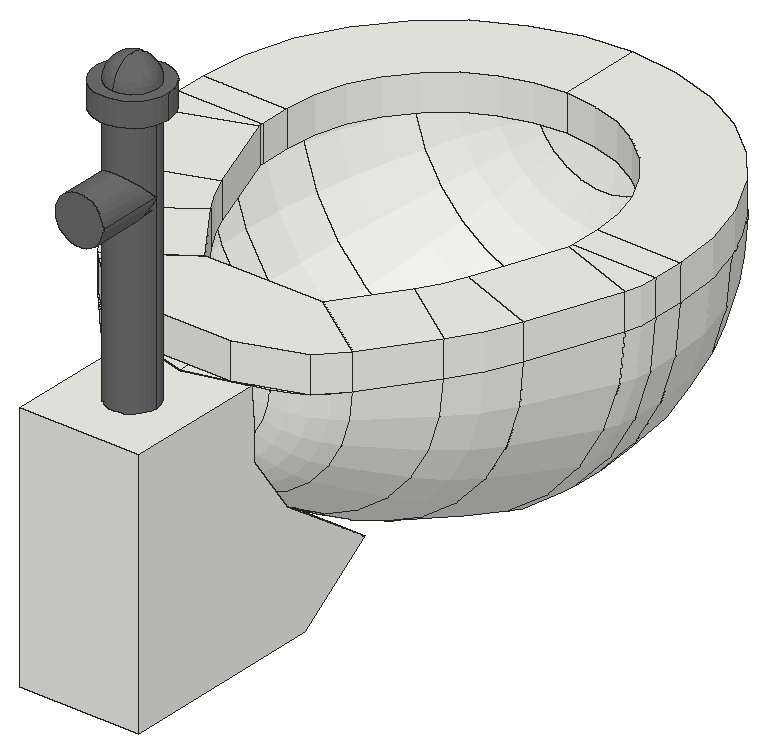
Revit family "M_Toilet-Comercial-Parede-3D", category Peças hidrossanitárias, Revit 2019
Family settings
  Hospedeiro = Parede
  Cota do conector redondo = Utilizar diâmetro
  Tipo de parte = Normal
  Número OmniClass = 23.45.05.21.11
  Título OmniClass = Water Closets
  ID de item do Seek = Toilet-Commercial-Wall-3D-0000-CAN-ENU
  Sempre na vertical = Sim
  Corte com vazios quando carregada = Não
  Compartilhado = Sim
  Ponto de cálculo do ambiente = Não
Parameters (values of type "380 mm Altura do assento")
  Altura de montagem = 380.00 mm
  Material da tubulação = Aço, Polido
  Material da cuba = Porcelana, Marfim
  Material do assento = Laminado - Marfim, Fosco
Types (2, lengths in mm): name | Altura de montagem
  380 mm Altura do assento | 380.00
  480 mm Altura do assento | 480.00
Reference planes
  plane 1: y = 0
  plane 2: x = 404.903
  plane 3: y = 75
  plane 4: y = 812.8
  plane 5: z = 341.9
  plane 6: y = 557.6
  plane 7: y = 303.6
  plane 8: z = 380
  plane 9: z = 646.7
  plane 10: y = 145.535
  plane 11: z = 76.2
Forms (mm)
  Extrusion 1, solid, material "Porcelana, Marfim" <- "Material da cuba"
    sketch origin (404.903, 0, 0) x (0, -1, 0) y (0, 0, 1)
      loop
        line (-75, 341.9) -> (-227.804, 341.9) -> (-227.804, 268.296) -> (-271.51, 205.877) -> (-375.543, 133.033) -> (-295.045, 76.2) -> (-75, 76.2) -> (-75, 341.9)
    from -63.5 to 63.5
  Extrusion 2, solid, material "Aço, Polido" <- "Material da tubulação"
    sketch origin (341.403, 75, 341.9) x (1, 0, 0) y (0, 1, 0)
      loop
        circle (63.5, 70.535) r 25.4
    from 0 to 279.4
  Extrusion 3, solid, material "Aço, Polido" <- "Material da tubulação"
    sketch origin (0, 75, 0) x (1, 0, 0) y (0, 0, 1)
      loop
        circle (404.903, 543.211) r 25.4
    from 0 to -70.644
  Extrusion 4, solid, material "Aço, Polido" <- "Material da tubulação"
    sketch origin (341.403, 75, 621.3) x (1, 0, 0) y (0, 1, 0)
      loop
        circle (63.5, 70.535) r 38.1
    from 0 to 25.4
  Revolve 5, solid, material "Aço, Polido" <- "Material da tubulação"
    sketch origin (404.903, 0, 0) x (0, -1, 0) y (0, 0, 1)
      loop
        line (-171.153, 646.7) -> (-145.535, 646.7) -> (-145.535, 672.318)
        arc (-145.535, 672.318) -> (-163.65, 664.814) -> (-171.153, 646.7) r 25.618
      axis (-145.535, 646.7) -> (-145.535, 672.318)
    angle from 0 to 360
  Revolve 6, solid, material "Porcelana, Marfim" <- "Material da cuba"
    sketch origin (0, 0, 341.9) x (1, 0, 0) y (0, 1, 0)
      loop
        line (404.903, 811.6) -> (404.903, 786.2)
        arc (404.903, 786.2) -> (444.599, 782.727) -> (483.089, 772.414) r 228.6
        arc (483.089, 772.414) -> (527.73, 750.399) -> (566.548, 719.245) r 228.6
        arc (566.548, 719.245) -> (597.702, 680.427) -> (619.717, 635.786) r 228.6
        arc (619.717, 635.786) -> (630.03, 597.296) -> (633.503, 557.6) r 228.6
        line (633.503, 557.6) -> (633.503, 524.715)
        arc (633.503, 524.715) -> (632.346, 511.483) -> (628.908, 498.653) r 76.2
        line (628.908, 498.653) -> (596.636, 409.986)
        arc (596.636, 409.986) -> (581.916, 376.534) -> (562.957, 345.289) r 279.4
        line (562.957, 345.289) -> (525.073, 291.186)
        arc (525.073, 291.186) -> (500.122, 266.235) -> (468.143, 251.323) r 101.6
        line (468.143, 251.323) -> (404.903, 234.378) -> (404.903, 208.082) -> (483.647, 229.181)
        arc (483.647, 229.181) -> (515.626, 244.093) -> (540.577, 269.044) r 101.6
        line (540.577, 269.044) -> (585.681, 333.459)
        arc (585.681, 333.459) -> (604.641, 364.704) -> (619.36, 398.156) r 279.4
        line (619.36, 398.156) -> (652.776, 489.966)
        arc (652.776, 489.966) -> (657.36, 507.072) -> (658.903, 524.715) r 101.6
        line (658.903, 524.715) -> (658.903, 557.6)
        arc (658.903, 557.6) -> (655.044, 601.707) -> (643.585, 644.473) r 254
        arc (643.585, 644.473) -> (619.125, 694.074) -> (584.508, 737.205) r 254
        arc (584.508, 737.205) -> (541.377, 771.821) -> (491.776, 796.282) r 254
        arc (491.776, 796.282) -> (449.01, 807.741) -> (404.903, 811.6) r 254
      axis (404.903, 208.082) -> (404.903, 811.6)
    angle from 0 to 180
  Sweep 7, solid, material "Laminado - Marfim, Fosco" <- "Material do assento"
    path origin (0, 0, 341.9) x (1, 0, 0) y (0, 1, 0)
      loop
        line (540.577, 269.044) -> (585.681, 333.459)
        arc (585.681, 333.459) -> (604.641, 364.704) -> (619.36, 398.156) r 279.4
        line (619.36, 398.156) -> (652.776, 489.966)
        arc (652.776, 489.966) -> (657.36, 507.072) -> (658.903, 524.715) r 101.6
        line (658.903, 524.715) -> (658.903, 557.6)
        arc (658.903, 557.6) -> (584.508, 737.205) -> (404.903, 811.6) r 254
        arc (404.903, 811.6) -> (225.298, 737.205) -> (150.903, 557.6) r 254
        line (150.903, 557.6) -> (150.903, 524.715)
        arc (150.903, 524.715) -> (152.447, 507.072) -> (157.03, 489.966) r 101.6
        line (157.03, 489.966) -> (190.446, 398.156)
        arc (190.446, 398.156) -> (205.166, 364.704) -> (224.125, 333.459) r 279.4
        line (224.125, 333.459) -> (269.23, 269.044)
    profile origin (0, 541.157, 441.9) x (-1, 0, 0) y (0, 0, 1)
      loop
        line (-658.903, -100) -> (-570.003, -100) -> (-570.003, -61.9) -> (-658.903, -61.9) -> (-658.903, -100)
  Extrusion 8, solid, material "Laminado - Marfim, Fosco" <- "Material do assento"
    sketch origin (404.903, 557.6, 380) x (1, 0, 0) y (0, 1, 0)
      loop
        line (-62.851, -237.565) -> (-135.674, -288.556) -> (-110.723, -313.507) -> (-44.661, -337.551) -> (44.661, -337.551) -> (110.723, -313.507) -> (135.674, -288.556) -> (62.851, -237.565) -> (-62.851, -237.565)
    from 0 to -38.1
Lines and regions (mm)
  Masking region 1
    outline origin (0, 0, 0) x (1, 0, 0) y (0, 1, 0)
      loop
        arc (404.903, 811.6) -> (225.298, 737.205) -> (150.903, 557.6) r 254
        line (150.903, 557.6) -> (150.903, 524.715)
        arc (150.903, 524.715) -> (152.447, 507.072) -> (157.03, 489.966) r 101.6
        line (157.03, 489.966) -> (190.446, 398.156)
        arc (190.446, 398.156) -> (205.166, 364.704) -> (224.125, 333.459) r 279.4
        line (224.125, 333.459) -> (269.23, 269.044)
        arc (269.23, 269.044) -> (300.702, 239.888) -> (341.403, 226.322) r 101.6
        line (341.403, 226.322) -> (341.403, 75) -> (468.403, 75) -> (468.403, 226.322)
        arc (468.403, 226.322) -> (509.104, 239.888) -> (540.577, 269.044) r 101.6
        line (540.577, 269.044) -> (585.681, 333.459)
        arc (585.681, 333.459) -> (604.641, 364.704) -> (619.36, 398.156) r 279.4
        line (619.36, 398.156) -> (652.776, 489.966)
        arc (652.776, 489.966) -> (657.36, 507.072) -> (658.903, 524.715) r 101.6
        line (658.903, 524.715) -> (658.903, 557.6)
        arc (658.903, 557.6) -> (584.508, 737.205) -> (404.903, 811.6) r 254
  symbolic lines
    curve 1: arc (404.903, 722.7, 0) -> (288.16, 674.343, 0) -> (239.803, 557.6, 0) r 165.1
    curve 2: arc (570.003, 557.6, 0) -> (521.646, 674.343, 0) -> (404.903, 722.7, 0) r 165.1
    curve 3: line (570.003, 557.6, 0) -> (570.003, 524.715, 0)
    curve 4: line (569.237, 520.371, 0) -> (535.821, 428.562, 0)
    curve 5: arc (512.858, 384.45, 0) -> (525.785, 405.754, 0) -> (535.821, 428.562, 0) r 190.5
    curve 6: line (512.858, 384.45, 0) -> (467.754, 320.035, 0)
    curve 7: line (239.803, 524.715, 0) -> (239.803, 557.6, 0)
    curve 8: line (273.985, 428.562, 0) -> (240.569, 520.371, 0)
    curve 9: arc (273.985, 428.562, 0) -> (284.021, 405.754, 0) -> (296.948, 384.45, 0) r 190.5
    curve 10: line (342.052, 320.035, 0) -> (296.948, 384.45, 0)
    curve 11: arc (443.003, 145.535, 0) -> (404.903, 183.635, 0) -> (366.803, 145.535, 0) r 38.1
    curve 12: arc (366.803, 145.535, 0) -> (404.903, 107.435, 0) -> (443.003, 145.535, 0) r 38.1
    curve 13: arc (379.503, 145.535, 0) -> (404.903, 120.135, 0) -> (430.303, 145.535, 0) r 25.4
    curve 14: arc (430.303, 145.535, 0) -> (404.903, 170.935, 0) -> (379.503, 145.535, 0) r 25.4
    curve 15: line (379.288, 75, 0) -> (379.288, 117.331, 0)
    curve 16: line (430.538, 75, 0) -> (430.538, 117.349, 0)
    curve 17: arc (341.403, 227.804, 0) -> (403.903, 220.047, 0) -> (466.403, 227.804, 0) r 255.662
    curve 18: line (342.052, 320.035, 0) -> (467.754, 320.035, 0)
Text (mm)
  text "Lado da colocação" at (0, 1019.848, 3124.603), in view "Direita"
  text "Lado da colocação" at (0, 1206.291, 1554.205), in view "Esquerda"
Dimensions and locks
  locked: plane 3 to plane 6 at 482.6
  locked: plane 3 to plane 7 at 228.6
  "Altura de montagem": plane 8 to level
  locked: plane 8 to plane 5 at 38.1
  locked: plane 8 to plane 9 at 266.7
  locked: plane 3 to plane 10 at 70.535
  locked: plane 8 to plane 11 at 303.8
  aligned and locked: plane 3 to host wall
  aligned and locked: Masking region 1 sketch curve to Extrusion 1
  aligned and locked: Sweep 7 sketch curve to plane 8
  aligned and locked: plane 5 to Sweep 7 sketch curve
  aligned and locked: plane 5 to Extrusion 8
  aligned and locked: Extrusion 1 sketch curve to plane 11
Automatic sketch dimensions
  Extrusion 2 sketch curve to plane 2 = 0.00 mm
  Extrusion 2 sketch curve to Extrusion 2 sketch curve = 25.40 mm
  Extrusion 2 sketch curve to plane 3 = 70.535 mm
  Extrusion 3 sketch curve to plane 2 = 0.00 mm
  plane 2 to Extrusion 3 sketch curve = 25.40 mm
  Extrusion 3 sketch curve to plane 5 = 201.311 mm
  Extrusion 4 sketch curve to plane 2 = 0.00 mm
  Extrusion 4 sketch curve to Extrusion 4 sketch curve = 38.10 mm
  Extrusion 4 sketch curve to plane 3 = 70.535 mm
  Revolve 5 sketch curve to plane 9 = 0.00 mm
  Revolve 5 sketch curve to plane 10 = 0.00 mm  (x2)
  Revolve 5 sketch curve to Revolve 5 sketch curve = 25.618 mm
  Revolve 5 sketch curve to Revolve 5 sketch curve = 39.01 mm
  Revolve 5 sketch curve to Revolve 5 sketch curve = 25.40 mm
  Revolve 6 sketch curve to plane 2 = 0.00 mm  (x9)
  Revolve 6 sketch curve to plane 6 = 0.00 mm  (x8)
  plane 2 to Revolve 6 sketch curve = 48.093 mm
  Revolve 6 sketch curve to plane 2 = 36.944 mm
  Revolve 6 sketch curve to Revolve 6 sketch curve = 15.504 mm  (x3)
  Revolve 6 sketch curve to plane 2 = 63.24 mm
  Revolve 6 sketch curve to Revolve 6 sketch curve = 8.687 mm  (x2)
  plane 7 to Revolve 6 sketch curve = 12.414 mm
  Revolve 6 sketch curve to Revolve 6 sketch curve = 56.93 mm
  plane 7 to Revolve 6 sketch curve = 34.556 mm
  plane 6 to Revolve 6 sketch curve = 32.885 mm
  Revolve 6 sketch curve to Revolve 6 sketch curve = 101.60 mm
  Revolve 6 sketch curve to Revolve 6 sketch curve = 0.00 mm
  Revolve 6 sketch curve to Revolve 6 sketch curve = 37.884 mm
  Revolve 6 sketch curve to Revolve 6 sketch curve = 17.961 mm
  Revolve 6 sketch curve to plane 7 = 29.859 mm
  Revolve 6 sketch curve to Revolve 6 sketch curve = 22.724 mm  (x3)
  Revolve 6 sketch curve to plane 7 = 106.386 mm
  Revolve 6 sketch curve to Revolve 6 sketch curve = 33.679 mm
  Revolve 6 sketch curve to Revolve 6 sketch curve = 23.868 mm  (x2)
  Revolve 6 sketch curve to Revolve 6 sketch curve = 4.595 mm
  Revolve 6 sketch curve to Revolve 6 sketch curve = 39.863 mm
  Revolve 6 sketch curve to Revolve 6 sketch curve = 16.945 mm
  Revolve 6 sketch curve to Revolve 6 sketch curve = 22.142 mm
  Revolve 6 sketch curve to Revolve 6 sketch curve = 26.296 mm
  Revolve 6 sketch curve to Revolve 6 sketch curve = 78.186 mm
  Revolve 6 sketch curve to Revolve 6 sketch curve = 53.169 mm
  Revolve 6 sketch curve to Revolve 6 sketch curve = 105.21 mm
  Revolve 6 sketch curve to Revolve 6 sketch curve = 102.318 mm
  Revolve 6 sketch curve to Revolve 6 sketch curve = 39.332 mm
  plane 6 to Revolve 6 sketch curve = 159.444 mm
  Revolve 6 sketch curve to Revolve 6 sketch curve = 83.459 mm
  Revolve 6 sketch curve to Revolve 6 sketch curve = 29.995 mm
  Revolve 6 sketch curve to Revolve 6 sketch curve = 11.83 mm
  Sweep 7 sketch curve to plane 6 = 0.00 mm  (x2)
  Sweep 7 sketch curve to plane 2 = 0.00 mm
  plane 2 to Sweep 7 sketch curve = 48.093 mm
  plane 6 to Sweep 7 sketch curve = 32.885 mm  (x2)
  Sweep 7 sketch curve to Sweep 7 sketch curve = 104.307 mm
  Sweep 7 sketch curve to plane 7 = 29.859 mm  (x2)
  Sweep 7 sketch curve to Sweep 7 sketch curve = 45.104 mm  (x2)
  Sweep 7 sketch curve to Sweep 7 sketch curve = 33.679 mm  (x2)
  plane 6 to Sweep 7 sketch curve = 67.634 mm
  Sweep 7 sketch curve to Sweep 7 sketch curve = 33.416 mm
  Sweep 7 sketch curve to plane 2 = 48.093 mm
  Sweep 7 sketch curve to Sweep 7 sketch curve = 101.60 mm
  Sweep 7 sketch curve to Sweep 7 sketch curve = 6.127 mm
  Sweep 7 sketch curve to Sweep 7 sketch curve = 64.697 mm  (x2)
  plane 2 to Sweep 7 sketch curve = 180.778 mm
  plane 7 to Sweep 7 sketch curve = 34.556 mm  (x2)
  Sweep 7 sketch curve to plane 2 = 135.674 mm
  plane 7 to Extrusion 8 sketch curve = 34.556 mm  (x2)
  plane 2 to Extrusion 8 sketch curve = 135.674 mm
  Extrusion 8 sketch curve to Extrusion 8 sketch curve = 24.95 mm  (x4)
  Extrusion 8 sketch curve to plane 7 = 16.435 mm
  plane 2 to Extrusion 8 sketch curve = 62.851 mm
  plane 2 to Extrusion 8 sketch curve = 44.661 mm
  Extrusion 8 sketch curve to plane 2 = 44.661 mm
  Extrusion 8 sketch curve to plane 2 = 62.851 mm
  Extrusion 8 sketch curve to Extrusion 8 sketch curve = 66.062 mm
  Extrusion 8 sketch curve to Extrusion 8 sketch curve = 24.045 mm
  Masking region 1 sketch curve to Masking region 1 sketch curve = 0.00 mm
  Masking region 1 sketch curve to plane 6 = 0.00 mm
  Masking region 1 sketch curve to plane 2 = 0.00 mm
  plane 2 to Masking region 1 sketch curve = 48.093 mm
  Masking region 1 sketch curve to plane 7 = 23.719 mm  (x2)
  plane 2 to Masking region 1 sketch curve = 52.448 mm
  plane 2 to Masking region 1 sketch curve = 63.50 mm
  plane 6 to Masking region 1 sketch curve = 32.885 mm  (x2)
  Masking region 1 sketch curve to Masking region 1 sketch curve = 104.307 mm
  Masking region 1 sketch curve to plane 7 = 29.859 mm  (x2)
  Masking region 1 sketch curve to Masking region 1 sketch curve = 45.104 mm  (x2)
  Masking region 1 sketch curve to plane 7 = 94.556 mm
  Masking region 1 sketch curve to Masking region 1 sketch curve = 33.679 mm  (x2)
  Masking region 1 sketch curve to Masking region 1 sketch curve = 33.416 mm
  Masking region 1 sketch curve to Masking region 1 sketch curve = 6.127 mm
  Masking region 1 sketch curve to plane 2 = 48.093 mm
  Masking region 1 sketch curve to plane 2 = 52.448 mm
  Masking region 1 sketch curve to plane 2 = 63.50 mm
  plane 7 to Masking region 1 sketch curve = 34.556 mm
  Masking region 1 sketch curve to Masking region 1 sketch curve = 72.174 mm
  Masking region 1 sketch curve to Masking region 1 sketch curve = 101.60 mm
  plane 6 to Masking region 1 sketch curve = 67.634 mm
  Masking region 1 sketch curve to Masking region 1 sketch curve = 64.697 mm
  Masking region 1 sketch curve to Masking region 1 sketch curve = 128.33 mm
  plane 7 to Masking region 1 sketch curve = 77.278 mm
  curve 1 to curve 2 = 0.00 mm
  curve 11 to curve 13 = 0.00 mm
  curve 12 to curve 14 = 0.00 mm
  curve 7 to plane 6 = 0.00 mm
  curve 15 to host wall = 0.00 mm
  curve 14 to plane 2 = 0.00 mm
  curve 2 to plane 2 = 0.00 mm
  curve 16 to host wall = 0.00 mm
  plane 2 to curve 17 = 1.00 mm
  plane 2 to curve 13 = 25.40 mm
  plane 2 to curve 15 = 25.615 mm
  curve 11 to curve 13 = 12.70 mm
  plane 2 to curve 5 = 48.093 mm
  curve 10 to plane 7 = 16.435 mm
  plane 2 to curve 10 = 62.851 mm
  plane 2 to curve 17 = 63.50 mm
  curve 9 to curve 18 = 45.104 mm
  curve 8 to curve 10 = 22.963 mm
  plane 6 to curve 8 = 37.229 mm
  curve 8 to curve 8 = 33.416 mm
  curve 1 to curve 8 = 0.766 mm
  curve 16 to plane 2 = 25.635 mm
  curve 9 to plane 2 = 48.093 mm
  curve 17 to plane 2 = 61.50 mm
  curve 6 to plane 2 = 62.851 mm
  curve 6 to curve 5 = 45.104 mm
  curve 5 to curve 4 = 22.963 mm
  plane 6 to curve 4 = 37.229 mm
  curve 4 to curve 3 = 0.766 mm
  curve 15 to curve 15 = 42.331 mm
  plane 7 to curve 17 = 75.796 mm
  curve 18 to curve 9 = 64.416 mm
  curve 6 to curve 6 = 64.416 mm
  curve 10 to curve 8 = 44.111 mm
  curve 5 to curve 4 = 44.111 mm
  curve 17 to curve 5 = 18.008 mm
  curve 4 to curve 3 = 4.344 mm
  curve 8 to curve 7 = 4.344 mm
  Sweep 7 sketch curve to profile plane = 0.00 mm
  Sweep 7 sketch curve to profile plane = 88.90 mm
  Extrusion 1 sketch curve to plane 5 = 0.00 mm
  Extrusion 1 sketch curve to host wall = 0.00 mm
  plane 7 to Extrusion 1 sketch curve = 75.796 mm
  plane 7 to Extrusion 1 sketch curve = 32.09 mm
  plane 7 to Extrusion 1 sketch curve = 8.555 mm
  Extrusion 1 sketch curve to plane 7 = 71.943 mm
  plane 11 to Extrusion 1 sketch curve = 56.833 mm
  Extrusion 1 sketch curve to Extrusion 1 sketch curve = 72.844 mm
  plane 5 to Extrusion 1 sketch curve = 73.604 mm
